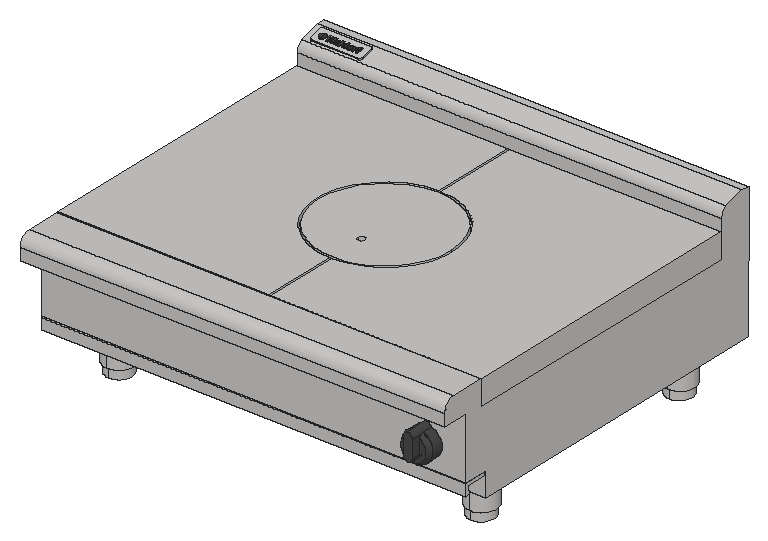
Revit family "QF_MOFFAT WALDORF_RNL8100G-B", category Specialty Equipment, Revit 2012
Parameters
  Width = 900 mm
  Weight in Pounds = 392.4224
  URL Cutsheet = "www.moffat.com"
  URL = "www.moffat.com"
  Type Mark [instance] = ""
  Status [instance] = ""
  Specification by User [instance] = ""
  Specification by Manufacturer = ""
  Show Logo [instance] = yes
  Show Clearance [instance] = yes
  Serial Number = ""
  Seismic Rating = ""
  SMACNA No = ""
  Revision Code [instance] = ""
  Omniclass Number and Title = ""
  NAFEM Spec ID Number = ""
  Model = "RNL8100G-B"
  Mechanical Remarks = ""
  Mechanical Connection Type [instance] = ""
  Masterspec = ""
  Manufacturer = "MOFFAT WALDORF"
  Item Number [instance] = ""
  Installed By [instance] = ""
  Identify Quantity as Lot [instance] = yes
  Height = 370 mm
  Gas Size = 3/4"
  Gas RI Height [instance] = 0 mm
  Gas KW [instance] = 12.5
  Gas Input [instance] = 42652.0 Btu/h
  Gas Connection Height = 0 mm
  Furnished By [instance] = ""
  Foodservice Equipment Identifier [instance] = yes
  Description = "TARGET TOP LOW SPLASHBACK GAS HOB BENCH"
  Depth = 805 mm
  CSI MasterFormat = ""
  CSI Master Format = ""
Reference planes
  plane 1 "BACK": y = 0
  plane 2: z = 0
  plane 3 "LEFT": x = 0
  plane 4 "RIGHT": x = 900
  plane 5 "FRONT": y = -805
  plane 6 "TOP": z = 370
  plane 7 "Center Y": x = 450
  plane 8 "Center X": y = -402.5
  plane 9: x = 280
  plane 10: y = -574.272
  plane 11: x = 60
  plane 12: y = -304.972
  plane 13: y = -364.972
  plane 14: x = 74
  plane 15: x = 834.5
  plane 16: y = -32
  plane 17: y = -100
  plane 18: y = -625
  plane 19: z = 85
  plane 20: z = 315
Forms (mm)
  Extrusion 1, solid, material "QF_Finishes_Stainless Steel"
    sketch origin (0, 0, 0) x (0, 1, 0) y (0, 0, 1)
      loop
        line (0, 85) -> (0, 370) -> (-16.5, 370) -> (-58.709, 358.69)
        arc (-58.709, 358.69) -> (-66.975, 350.425) -> (-70, 339.134) r 22.582
        line (-70, 339.134) -> (-70, 261.8) -> (-709, 261.8) -> (-709, 315) -> (-781, 315)
        arc (-781, 315) -> (-797.971, 307.971) -> (-805, 291) r 24
        line (-805, 291) -> (-805, 266) -> (-749, 266) -> (-749, 136.219) -> (-696.73, 136.219) -> (-696.73, 85) -> (0, 85)
      loop
        line (-749, 110) -> (-740.224, 110) -> (-742.613, 126.999) -> (-700.93, 126.999) -> (-700.93, 134.003) -> (-749, 134.003) -> (-749, 110)
    from 0 to 900
  Extrusion 2, solid, material "QF_Finishes_Stainless Steel"
    sketch origin (0, 0, 0) x (0, 1, 0) y (0, 0, 1)
      loop
        line (-72.734, 315) -> (-705.7, 315) -> (-705.7, 262.8) -> (-72.734, 262.8) -> (-72.734, 315)
    from 0 to 900
  Extrusion 3, void
    sketch origin (0, -72.734, 315) x (1, 0, 0) y (0, -1, 0)
      loop
        circle (450, 327.466) r 140
      loop
        arc (452.2, 182.486) -> (594.802, 327.67) -> (451.798, 472.459) r 145.003
        line (451.798, 472.459) -> (451.798, 632.966) -> (447.7, 632.966) -> (447.7, 472.437)
        arc (447.7, 472.437) -> (305.533, 327.329) -> (447.967, 182.484) r 145.002
        line (447.967, 182.484) -> (447.967, 0) -> (452.2, 0) -> (452.2, 182.486)
      loop
        circle (450, 390.056) r 7.524
    from 0 to 10
  Revolve 4, solid, material "QF_Finishes_Stainless Steel"
    sketch origin (834.5, -171.126, 0) x (0, 1, 0) y (0, 0, -1)
      loop
        line (39.376, -85) -> (71.126, -85) -> (71.126, 0) -> (43.626, 0) -> (43.626, -20) -> (39.376, -20) -> (39.376, -85)
      axis (71.126, -85) -> (71.126, 0)
    angle from 0 to 360
  Revolve 5, solid, material "QF_Finishes_Stainless Steel"
    sketch origin (65.5, -171.126, 0) x (0, 1, 0) y (0, 0, 1)
      loop
        line (39.376, 85) -> (39.376, 20) -> (43.626, 20) -> (43.626, 0) -> (71.126, 0) -> (71.126, 85) -> (39.376, 85)
      axis (71.126, 85) -> (71.126, 0)
    angle from 0 to 360
  Revolve 6, solid, material "QF_Finishes_Stainless Steel"
    sketch origin (834.5, -696.126, 0) x (0, 1, 0) y (0, 0, -1)
      loop
        line (39.376, -85) -> (71.126, -85) -> (71.126, 0) -> (43.626, 0) -> (43.626, -20) -> (39.376, -20) -> (39.376, -85)
      axis (71.126, -85) -> (71.126, 0)
    angle from 0 to 360
  Revolve 7, solid, material "QF_Finishes_Stainless Steel"
    sketch origin (65.5, -696.126, 0) x (0, 1, 0) y (0, 0, 1)
      loop
        line (39.376, 85) -> (39.376, 20) -> (43.626, 20) -> (43.626, 0) -> (71.126, 0) -> (71.126, 85) -> (39.376, 85)
      axis (71.126, 85) -> (71.126, 0)
    angle from 0 to 360
  Extrusion 8, solid, material "QF_Finishes_Stainless Steel"
    sketch origin (-64.5, 0, -270) x (1, 0, 0) y (0, 1, 0)
      loop
        circle (834.5, -32) r 10
    from 325 to 355
  Revolve 9, solid, material "QF_Finishes_Black"
    sketch origin (824.351, 38.874, -603.868) x (0, 1, 0) y (0, 0, 1)
      loop
        line (-820.874, 829.5) -> (-831.874, 823.651) -> (-831.874, 797) -> (-787.874, 797) -> (-787.874, 802) -> (-797.874, 802) -> (-797.874, 829.5) -> (-820.874, 829.5)
      axis (-831.874, 797) -> (-787.874, 797)
    angle from 0 to 360
  Extrusion 10, solid, material "QF_Finishes_Black"
    sketch origin (676.544, 0, -603.868) x (1, 0, 0) y (0, 0, 1)
      loop
        line (158.3, 789) -> (158.3, 824)
        arc (158.3, 824) -> (148.3, 834) -> (138.3, 824) r 10
        line (138.3, 824) -> (138.3, 789)
        arc (138.3, 789) -> (148.3, 779) -> (158.3, 789) r 10
    from 759 to 808
Cuts and joins
  Extrusion 3 cuts Extrusion 1
  Extrusion 3 cuts Extrusion 2
Lines and regions (mm)
  Split face 1
    outline origin (0, -16.5, 370) x (0, -0.965926, -0.258819) y (1, 0, 0)
      loop
        line (1.962, 129.583) -> (29.558, 129.583) -> (29.558, 149.583) -> (1.962, 149.583) -> (1.962, 129.583)
  Split face 2
    outline origin (0, -16.5, 370) x (0, -0.965926, -0.258819) y (1, 0, 0)
      loop
        line (29.558, 156.5) -> (29.558, 176.5) -> (1.962, 176.5) -> (1.962, 156.5) -> (29.558, 156.5)
  Split face 3
    outline origin (0, -16.5, 370) x (0, -0.965926, -0.258819) y (1, 0, 0)
      loop
        line (29.558, 203.5) -> (1.962, 203.5) -> (1.962, 183.5) -> (29.558, 183.5) -> (29.558, 203.5)
  Split face 4
    outline origin (0, -16.5, 370) x (0, -0.965926, -0.258819) y (1, 0, 0)
      loop
        line (29.558, 230.5) -> (1.962, 230.5) -> (1.962, 210.5) -> (29.558, 210.5) -> (29.558, 230.5)
  Split face 5
    outline origin (0, -16.5, 370) x (0, -0.965926, -0.258819) y (1, 0, 0)
      loop
        line (29.558, 257.5) -> (1.962, 257.5) -> (1.962, 237.5) -> (29.558, 237.5) -> (29.558, 257.5)
  Split face 6
    outline origin (0, -16.5, 370) x (0, -0.965926, -0.258819) y (1, 0, 0)
      loop
        line (29.558, 264.5) -> (29.558, 284.5) -> (1.962, 284.5) -> (1.962, 264.5) -> (29.558, 264.5)
  Split face 7
    outline origin (0, -16.5, 370) x (0, -0.965926, -0.258819) y (1, 0, 0)
      loop
        line (29.558, 311.5) -> (1.962, 311.5) -> (1.962, 291.5) -> (29.558, 291.5) -> (29.558, 311.5)
  Split face 8
    outline origin (0, -16.5, 370) x (0, -0.965926, -0.258819) y (1, 0, 0)
      loop
        line (1.962, 638.5) -> (1.962, 618.5) -> (29.558, 618.5) -> (29.558, 638.5) -> (1.962, 638.5)
  Split face 9
    outline origin (0, -16.5, 370) x (0, -0.965926, -0.258819) y (1, 0, 0)
      loop
        line (1.962, 645.5) -> (29.558, 645.5) -> (29.558, 665.5) -> (1.962, 665.5) -> (1.962, 645.5)
  Split face 10
    outline origin (0, -16.5, 370) x (0, -0.965926, -0.258819) y (1, 0, 0)
      loop
        line (29.558, 672.5) -> (29.558, 692.5) -> (1.962, 692.5) -> (1.962, 672.5) -> (29.558, 672.5)
  Split face 11
    outline origin (0, -16.5, 370) x (0, -0.965926, -0.258819) y (1, 0, 0)
      loop
        line (29.558, 699.5) -> (29.558, 719.5) -> (1.962, 719.5) -> (1.962, 699.5) -> (29.558, 699.5)
  Split face 12
    outline origin (0, -16.5, 370) x (0, -0.965926, -0.258819) y (1, 0, 0)
      loop
        line (29.558, 726.5) -> (29.558, 746.5) -> (1.962, 746.5) -> (1.962, 726.5) -> (29.558, 726.5)
  Split face 13
    outline origin (0, -16.5, 370) x (0, -0.965926, -0.258819) y (1, 0, 0)
      loop
        line (1.962, 753.5) -> (29.558, 753.5) -> (29.558, 773.5) -> (1.962, 773.5) -> (1.962, 753.5)
  Split face 14
    outline origin (29.312, -16.5, 370) x (0, -0.965926, -0.258819) y (1, 0, 0)
      loop
        line (29.558, 311.5) -> (1.962, 311.5) -> (1.962, 291.5) -> (29.558, 291.5) -> (29.558, 311.5)
  Split face 15
    outline origin (58.539, -16.5, 370) x (0, -0.965926, -0.258819) y (1, 0, 0)
      loop
        line (29.558, 311.5) -> (1.962, 311.5) -> (1.962, 291.5) -> (29.558, 291.5) -> (29.558, 311.5)
  Split face 16
    outline origin (85.538, -16.5, 370) x (0, -0.965926, -0.258819) y (1, 0, 0)
      loop
        line (29.558, 311.5) -> (1.962, 311.5) -> (1.962, 291.5) -> (29.558, 291.5) -> (29.558, 311.5)
  Split face 17
    outline origin (111.014, -16.5, 370) x (0, -0.965926, -0.258819) y (1, 0, 0)
      loop
        line (29.558, 311.5) -> (1.962, 311.5) -> (1.962, 291.5) -> (29.558, 291.5) -> (29.558, 311.5)
  Split face 18
    outline origin (137.462, -16.5, 370) x (0, -0.965926, -0.258819) y (1, 0, 0)
      loop
        line (29.558, 311.5) -> (1.962, 311.5) -> (1.962, 291.5) -> (29.558, 291.5) -> (29.558, 311.5)
  Split face 19
    outline origin (163.546, -16.5, 370) x (0, -0.965926, -0.258819) y (1, 0, 0)
      loop
        line (29.558, 311.5) -> (1.962, 311.5) -> (1.962, 291.5) -> (29.558, 291.5) -> (29.558, 311.5)
  Split face 20
    outline origin (189.443, -16.5, 370) x (0, -0.965926, -0.258819) y (1, 0, 0)
      loop
        line (29.558, 311.5) -> (1.962, 311.5) -> (1.962, 291.5) -> (29.558, 291.5) -> (29.558, 311.5)
  Split face 21
    outline origin (215.891, -16.5, 370) x (0, -0.965926, -0.258819) y (1, 0, 0)
      loop
        line (29.558, 311.5) -> (1.962, 311.5) -> (1.962, 291.5) -> (29.558, 291.5) -> (29.558, 311.5)
  Split face 22
    outline origin (246.196, -16.5, 370) x (0, -0.965926, -0.258819) y (1, 0, 0)
      loop
        line (29.558, 311.5) -> (1.962, 311.5) -> (1.962, 291.5) -> (29.558, 291.5) -> (29.558, 311.5)
  Split face 23
    outline origin (274.297, -16.5, 370) x (0, -0.965926, -0.258819) y (1, 0, 0)
      loop
        line (29.558, 311.5) -> (1.962, 311.5) -> (1.962, 291.5) -> (29.558, 291.5) -> (29.558, 311.5)
  Split face 24
    outline origin (299.643, -16.5, 370) x (0, -0.965926, -0.258819) y (1, 0, 0)
      loop
        line (29.558, 311.5) -> (1.962, 311.5) -> (1.962, 291.5) -> (29.558, 291.5) -> (29.558, 311.5)
  symbolic lines
    curve 1: line (0, 0, 0) -> (0, -805, 0)
    curve 2: line (900, 0, 0) -> (0, 0, 0)
    curve 3: line (900, -805, 0) -> (900, 0, 0)
    curve 4: line (0, -70, 0) -> (900, -70, 0)
    curve 5: line (12.5, -51.234, 0) -> (12.5, -20.958, 0)
    curve 6: line (12.5, -20.958, 0) -> (121.5, -20.958, 0)
    curve 7: line (12.5, -51.234, 0) -> (121.5, -51.234, 0)
    curve 8: line (121.5, -20.958, 0) -> (121.5, -51.234, 0)
    curve 9: line (129.583, -22.262, 0) -> (129.583, -50.526, 0)
    curve 10: line (129.583, -50.526, 0) -> (149.583, -50.526, 0)
    curve 11: line (149.583, -50.526, 0) -> (149.583, -22.262, 0)
    curve 12: line (149.583, -22.262, 0) -> (129.583, -22.262, 0)
    curve 13: line (156.5, -22.262, 0) -> (156.5, -50.526, 0)
    curve 14: line (156.5, -50.526, 0) -> (176.5, -50.526, 0)
    curve 15: line (176.5, -50.526, 0) -> (176.5, -22.262, 0)
    curve 16: line (176.5, -22.262, 0) -> (156.5, -22.262, 0)
    curve 17: line (183.5, -22.262, 0) -> (183.5, -50.526, 0)
    curve 18: line (183.5, -50.526, 0) -> (203.5, -50.526, 0)
    curve 19: line (203.5, -50.526, 0) -> (203.5, -22.262, 0)
    curve 20: line (203.5, -22.262, 0) -> (183.5, -22.262, 0)
    curve 21: line (210.5, -22.262, 0) -> (210.5, -50.526, 0)
    curve 22: line (210.5, -50.526, 0) -> (230.5, -50.526, 0)
    curve 23: line (230.5, -50.526, 0) -> (230.5, -22.262, 0)
    curve 24: line (230.5, -22.262, 0) -> (210.5, -22.262, 0)
    curve 25: line (900, -805, 0) -> (0, -805, 0)
    curve 26: line (237.5, -22.262, 0) -> (237.5, -50.526, 0)
    curve 27: line (237.5, -50.526, 0) -> (257.5, -50.526, 0)
    curve 28: line (257.5, -50.526, 0) -> (257.5, -22.262, 0)
    curve 29: line (257.5, -22.262, 0) -> (237.5, -22.262, 0)
    curve 30: line (264.417, -22.262, 0) -> (264.417, -50.526, 0)
    curve 31: line (264.417, -50.526, 0) -> (284.417, -50.526, 0)
    curve 32: line (284.417, -50.526, 0) -> (284.417, -22.262, 0)
    curve 33: line (284.417, -22.262, 0) -> (264.417, -22.262, 0)
    curve 34: line (291.417, -22.262, 0) -> (291.417, -50.526, 0)
    curve 35: line (291.417, -50.526, 0) -> (311.417, -50.526, 0)
    curve 36: line (311.417, -50.526, 0) -> (311.417, -22.262, 0)
    curve 37: line (311.417, -22.262, 0) -> (291.417, -22.262, 0)
    curve 38: line (318.417, -22.262, 0) -> (318.417, -50.526, 0)
    curve 39: line (318.417, -50.526, 0) -> (338.417, -50.526, 0)
    curve 40: line (338.417, -50.526, 0) -> (338.417, -22.262, 0)
    curve 41: line (338.417, -22.262, 0) -> (318.417, -22.262, 0)
    curve 42: line (350.039, -22.262, 0) -> (350.039, -50.526, 0)
    curve 43: line (350.039, -50.526, 0) -> (370.039, -50.526, 0)
    curve 44: line (370.039, -50.526, 0) -> (370.039, -22.262, 0)
    curve 45: line (370.039, -22.262, 0) -> (350.039, -22.262, 0)
    curve 46: line (376.956, -22.262, 0) -> (376.956, -50.526, 0)
    curve 47: line (376.956, -50.526, 0) -> (396.956, -50.526, 0)
    curve 48: line (396.956, -50.526, 0) -> (396.956, -22.262, 0)
    curve 49: line (396.956, -22.262, 0) -> (376.956, -22.262, 0)
    curve 50: line (403.956, -22.262, 0) -> (403.956, -50.526, 0)
    curve 51: line (403.956, -50.526, 0) -> (423.956, -50.526, 0)
    curve 52: line (423.956, -50.526, 0) -> (423.956, -22.262, 0)
    curve 53: line (423.956, -22.262, 0) -> (403.956, -22.262, 0)
    curve 54: line (430.956, -22.262, 0) -> (430.956, -50.526, 0)
    curve 55: line (430.956, -50.526, 0) -> (450.956, -50.526, 0)
    curve 56: line (450.956, -50.526, 0) -> (450.956, -22.262, 0)
    curve 57: line (450.956, -22.262, 0) -> (430.956, -22.262, 0)
    curve 58: line (457.956, -22.262, 0) -> (457.956, -50.526, 0)
    curve 59: line (457.956, -50.526, 0) -> (477.956, -50.526, 0)
    curve 60: line (477.956, -50.526, 0) -> (477.956, -22.262, 0)
    curve 61: line (477.956, -22.262, 0) -> (457.956, -22.262, 0)
    curve 62: line (484.872, -22.262, 0) -> (484.872, -50.526, 0)
    curve 63: line (484.872, -50.526, 0) -> (504.872, -50.526, 0)
    curve 64: line (504.872, -50.526, 0) -> (504.872, -22.262, 0)
    curve 65: line (504.872, -22.262, 0) -> (484.872, -22.262, 0)
    curve 66: line (511.872, -22.262, 0) -> (511.872, -50.526, 0)
    curve 67: line (511.872, -50.526, 0) -> (531.872, -50.526, 0)
    curve 68: line (531.872, -50.526, 0) -> (531.872, -22.262, 0)
    curve 69: line (531.872, -22.262, 0) -> (511.872, -22.262, 0)
    curve 70: line (538.872, -22.262, 0) -> (538.872, -50.526, 0)
    curve 71: line (538.872, -50.526, 0) -> (558.872, -50.526, 0)
    curve 72: line (558.872, -50.526, 0) -> (558.872, -22.262, 0)
    curve 73: line (558.872, -22.262, 0) -> (538.872, -22.262, 0)
    curve 74: line (565.797, -22.262, 0) -> (565.797, -50.526, 0)
    curve 75: line (565.797, -50.526, 0) -> (585.797, -50.526, 0)
    curve 76: line (585.797, -50.526, 0) -> (585.797, -22.262, 0)
    curve 77: line (585.797, -22.262, 0) -> (565.797, -22.262, 0)
    curve 78: line (592.714, -22.262, 0) -> (592.714, -50.526, 0)
    curve 79: line (592.714, -50.526, 0) -> (612.714, -50.526, 0)
    curve 80: line (612.714, -50.526, 0) -> (612.714, -22.262, 0)
    curve 81: line (612.714, -22.262, 0) -> (592.714, -22.262, 0)
    curve 82: line (619.714, -22.262, 0) -> (619.714, -50.526, 0)
    curve 83: line (619.714, -50.526, 0) -> (639.714, -50.526, 0)
    curve 84: line (639.714, -50.526, 0) -> (639.714, -22.262, 0)
    curve 85: line (639.714, -22.262, 0) -> (619.714, -22.262, 0)
    curve 86: line (646.714, -22.262, 0) -> (646.714, -50.526, 0)
    curve 87: line (646.714, -50.526, 0) -> (666.714, -50.526, 0)
    curve 88: line (666.714, -50.526, 0) -> (666.714, -22.262, 0)
    curve 89: line (666.714, -22.262, 0) -> (646.714, -22.262, 0)
    curve 90: line (673.714, -22.262, 0) -> (673.714, -50.526, 0)
    curve 91: line (673.714, -50.526, 0) -> (693.714, -50.526, 0)
    curve 92: line (693.714, -50.526, 0) -> (693.714, -22.262, 0)
    curve 93: line (693.714, -22.262, 0) -> (673.714, -22.262, 0)
    curve 94: line (700.631, -22.262, 0) -> (700.631, -50.526, 0)
    curve 95: line (700.631, -50.526, 0) -> (720.631, -50.526, 0)
    curve 96: line (720.631, -50.526, 0) -> (720.631, -22.262, 0)
    curve 97: line (720.631, -22.262, 0) -> (700.631, -22.262, 0)
    curve 98: line (727.631, -22.262, 0) -> (727.631, -50.526, 0)
    curve 99: line (727.631, -50.526, 0) -> (747.631, -50.526, 0)
    curve 100: line (747.631, -50.526, 0) -> (747.631, -22.262, 0)
    curve 101: line (747.631, -22.262, 0) -> (727.631, -22.262, 0)
    curve 102: line (754.631, -22.262, 0) -> (754.631, -50.526, 0)
    curve 103: line (754.631, -50.526, 0) -> (774.631, -50.526, 0)
    curve 104: line (774.631, -50.526, 0) -> (774.631, -22.262, 0)
    curve 105: line (774.631, -22.262, 0) -> (754.631, -22.262, 0)
    curve 106: line (447.967, -72.734, 0) -> (447.967, -255.217, 0)
    curve 107: arc (452.2, -255.22, 0) -> (594.802, -400.404, 0) -> (451.798, -545.193, 0) r 145.003
    curve 108: line (452.2, -255.22, 0) -> (452.2, -72.734, 0)
    curve 109: arc (590, -400.2, 0) -> (450, -260.2, 0) -> (310, -400.2, 0) r 140
    curve 110: arc (447.7, -545.17, 0) -> (305.533, -400.063, 0) -> (447.967, -255.217, 0) r 145.002
    curve 111: arc (310, -400.2, 0) -> (450, -540.2, 0) -> (590, -400.2, 0) r 140
    curve 112: line (451.798, -705.7, 0) -> (451.798, -545.193, 0)
    curve 113: line (447.7, -545.17, 0) -> (447.7, -705.7, 0)
    curve 114: line (900, -709, 0) -> (0, -709, 0)
    curve 115: line (0, -705.7, 0) -> (900, -705.7, 0)
    curve 116: line (900, -72.734, 0) -> (0, -72.734, 0)
    curve 117: arc (442.476, -462.79, 0) -> (450, -455.266, 0) -> (457.524, -462.79, 0) r 7.524
    curve 118: arc (457.524, -462.79, 0) -> (450, -470.314, 0) -> (442.476, -462.79, 0) r 7.524
Dimensions and locks
  equal spacing: plane 3 "LEFT", plane 7 "Center Y", plane 4 "RIGHT"
  "Width": plane 3 "LEFT" to plane 4 "RIGHT"
  equal spacing: plane 5 "FRONT", plane 8 "Center X", plane 1 "BACK"
  plane 5 "FRONT" to plane 1 "BACK" = 805 mm  (x2)
  equal spacing: plane 4 "RIGHT", plane 7 "Center Y", plane 3 "LEFT"
  plane 4 "RIGHT" to plane 3 "LEFT" = 900 mm
  "Height": plane 6 "TOP" to level
  plane 10 to plane 1 "BACK" = 574.272 mm
  plane 12 to plane 1 "BACK" = 304.972 mm  (x2)
  plane 11 to plane 3 "LEFT" = 60 mm
  plane 14 to plane 3 "LEFT" = 74 mm
  plane 9 to plane 3 "LEFT" = 280 mm
  plane 6 "TOP" to plane 2 = 370 mm
  plane 2 to plane 19 = 85 mm
  plane 20 to plane 2 = 315 mm
  aligned and locked: level to plane 2
  aligned and locked: curve 3 to plane 4 "RIGHT"
  aligned and locked: Extrusion 1 to Extrusion 2  (x2)
Automatic sketch dimensions
  plane 1 "BACK" to curve 1 = 0 mm
  curve 1 to plane 3 "LEFT" = 0 mm
  curve 117 to plane 7 "Center Y" = 0 mm
  curve 111 to plane 7 "Center Y" = 0 mm
  plane 3 "LEFT" to curve 6 = 12.5 mm
  plane 16 to curve 8 = 11.042 mm
  plane 14 to curve 8 = 47.5 mm
  curve 7 to curve 9 = 8.083 mm
  curve 9 to curve 11 = 20 mm
  curve 10 to curve 13 = 6.917 mm
  curve 13 to curve 15 = 20 mm
  curve 15 to curve 20 = 7 mm
  curve 17 to curve 18 = 20 mm
  curve 19 to curve 24 = 7 mm
  curve 21 to curve 22 = 20 mm
  curve 23 to curve 26 = 7 mm
  plane 16 to curve 28 = 9.738 mm
  curve 26 to curve 28 = 20 mm
  curve 27 to curve 30 = 6.917 mm
  plane 9 to curve 32 = 4.417 mm
  curve 32 to curve 34 = 7 mm
  plane 8 "Center X" to curve 111 = 2.3 mm
  plane 9 to curve 111 = 30 mm
  curve 34 to curve 35 = 20 mm
  curve 35 to curve 39 = 7 mm
  plane 16 to curve 41 = 9.738 mm
  curve 38 to curve 41 = 20 mm
  curve 40 to curve 42 = 11.622 mm
  plane 16 to curve 45 = 9.738 mm
  curve 42 to curve 45 = 20 mm
  curve 43 to curve 47 = 6.917 mm
  curve 46 to curve 48 = 20 mm
  curve 47 to curve 51 = 7 mm
  curve 50 to curve 52 = 20 mm
  curve 51 to curve 55 = 7 mm
  curve 118 to plane 7 "Center Y" = 7.524 mm
  curve 110 to plane 7 "Center Y" = 2.3 mm
  curve 106 to plane 7 "Center Y" = 2.033 mm
  curve 107 to plane 7 "Center Y" = 0.201 mm
  plane 7 "Center Y" to curve 110 = 0.535 mm
  plane 7 "Center Y" to curve 55 = 0.956 mm
  plane 7 "Center Y" to curve 107 = 1.798 mm
  plane 7 "Center Y" to curve 108 = 2.2 mm
  curve 56 to curve 58 = 7 mm
  plane 16 to curve 60 = 9.738 mm
  curve 58 to curve 60 = 20 mm
  curve 60 to curve 62 = 6.917 mm
  curve 62 to curve 64 = 20 mm
  curve 63 to curve 66 = 7 mm
  plane 16 to curve 69 = 9.738 mm
  curve 66 to curve 69 = 20 mm
  curve 67 to curve 70 = 7 mm
  curve 70 to curve 72 = 20 mm
  curve 71 to curve 74 = 6.924 mm
  plane 16 to curve 76 = 9.738 mm
  curve 74 to curve 76 = 20 mm
  curve 76 to curve 78 = 6.917 mm
  curve 78 to curve 80 = 20 mm
  curve 79 to curve 82 = 7 mm
  curve 82 to curve 83 = 20 mm
  curve 84 to curve 86 = 7 mm
  curve 86 to curve 87 = 20 mm
  curve 88 to curve 90 = 7 mm
  curve 90 to curve 91 = 20 mm
  curve 92 to curve 97 = 6.917 mm
  plane 16 to curve 96 = 9.738 mm
  curve 94 to curve 96 = 20 mm
  curve 95 to curve 99 = 7 mm
  curve 98 to curve 99 = 20 mm
  curve 100 to curve 105 = 7 mm
  plane 16 to curve 105 = 9.738 mm
  curve 102 to curve 105 = 20 mm
  plane 18 to curve 114 = 84 mm
  curve 114 to curve 115 = 3.3 mm
  plane 10 to curve 107 = 29.08 mm
  curve 112 to curve 110 = 0.022 mm
  curve 117 to plane 8 "Center X" = 60.29 mm
  curve 107 to curve 109 = 0.003 mm
  curve 109 to curve 110 = 0.004 mm
  curve 106 to plane 17 = 27.266 mm
  curve 116 to curve 4 = 2.734 mm
  curve 5 to plane 16 = 19.234 mm
  curve 17 to plane 16 = 18.526 mm
  curve 26 to plane 16 = 18.526 mm
  curve 15 to curve 17 = 0 mm
  curve 27 to curve 30 = 0 mm
  curve 18 to curve 22 = 0 mm
  curve 11 to curve 13 = 0 mm
  curve 31 to curve 34 = 0 mm
  curve 35 to curve 38 = 0 mm
  curve 104 to plane 16 = 18.526 mm
  curve 39 to curve 42 = 0 mm
  curve 100 to curve 102 = 0 mm
  curve 43 to curve 46 = 0 mm
  curve 96 to curve 98 = 0 mm  (x2)
  curve 47 to curve 50 = 0 mm
  curve 92 to curve 94 = 0 mm
  curve 51 to curve 54 = 0 mm
  curve 88 to curve 90 = 0 mm  (x2)
  curve 55 to curve 58 = 0 mm
  curve 84 to curve 86 = 0 mm  (x2)
  curve 59 to curve 62 = 0 mm
  curve 80 to curve 82 = 0 mm  (x2)
  curve 63 to curve 66 = 0 mm
  curve 76 to curve 78 = 0 mm  (x2)
  curve 67 to curve 70 = 0 mm
  curve 68 to curve 73 = 0 mm
  curve 60 to curve 65 = 0 mm
  plane 16 to curve 57 = 9.738 mm
  plane 16 to curve 53 = 9.738 mm
  curve 44 to curve 49 = 0 mm
  plane 16 to curve 37 = 9.738 mm
  curve 28 to curve 33 = 0 mm
  plane 16 to curve 24 = 9.738 mm
  plane 16 to curve 20 = 9.738 mm
  plane 16 to curve 16 = 9.738 mm
  curve 12 to curve 6 = 1.304 mm
  Extrusion 1 to Split face 1 sketch curve = 1.962 mm
  Split face 1 sketch curve to Extrusion 1 = 14.14 mm
  Split face 1 sketch curve to Extrusion 1 = 129.583 mm
  Split face 1 sketch curve to Split face 1 sketch curve = 20 mm
  Extrusion 1 to Split face 2 sketch curve = 1.962 mm
  Split face 2 sketch curve to Extrusion 1 = 14.14 mm
  Split face 2 sketch curve to Extrusion 1 = 156.5 mm
  Split face 2 sketch curve to Split face 2 sketch curve = 20 mm
  Extrusion 1 to Split face 3 sketch curve = 1.962 mm
  Split face 3 sketch curve to Extrusion 1 = 14.14 mm
  Split face 3 sketch curve to Extrusion 1 = 183.5 mm
  Split face 3 sketch curve to Split face 3 sketch curve = 20 mm
  Extrusion 1 to Split face 4 sketch curve = 1.962 mm
  Split face 4 sketch curve to Extrusion 1 = 14.14 mm
  Split face 4 sketch curve to Extrusion 1 = 210.5 mm
  Split face 4 sketch curve to Split face 4 sketch curve = 20 mm
  Extrusion 1 to Split face 5 sketch curve = 1.962 mm
  Split face 5 sketch curve to Extrusion 1 = 14.14 mm
  Split face 5 sketch curve to Extrusion 1 = 237.5 mm
  Split face 5 sketch curve to Split face 5 sketch curve = 20 mm
  Extrusion 1 to Split face 6 sketch curve = 1.962 mm
  Split face 6 sketch curve to Extrusion 1 = 14.14 mm
  Split face 6 sketch curve to Extrusion 1 = 264.5 mm
  Split face 6 sketch curve to Split face 6 sketch curve = 20 mm
  Extrusion 1 to Split face 7 sketch curve = 1.962 mm
  Split face 7 sketch curve to Extrusion 1 = 14.14 mm
  Split face 7 sketch curve to Extrusion 1 = 291.5 mm
  Split face 7 sketch curve to Split face 7 sketch curve = 20 mm
  Extrusion 1 to Split face 8 sketch curve = 1.962 mm
  Split face 8 sketch curve to Extrusion 1 = 14.14 mm
  Split face 8 sketch curve to Extrusion 1 = 281.5 mm
  Split face 8 sketch curve to Split face 8 sketch curve = 20 mm
  Extrusion 1 to Split face 9 sketch curve = 1.962 mm
  Split face 9 sketch curve to Extrusion 1 = 14.14 mm
  Split face 9 sketch curve to Extrusion 1 = 254.5 mm
  Split face 9 sketch curve to Split face 9 sketch curve = 20 mm
  Extrusion 1 to Split face 10 sketch curve = 1.962 mm
  Split face 10 sketch curve to Extrusion 1 = 14.14 mm
  Split face 10 sketch curve to Extrusion 1 = 227.5 mm
  Split face 10 sketch curve to Split face 10 sketch curve = 20 mm
  Extrusion 1 to Split face 11 sketch curve = 1.962 mm
  Split face 11 sketch curve to Extrusion 1 = 14.14 mm
  Split face 11 sketch curve to Extrusion 1 = 200.5 mm
  Split face 11 sketch curve to Split face 11 sketch curve = 20 mm
  Extrusion 1 to Split face 12 sketch curve = 1.962 mm
  Split face 12 sketch curve to Extrusion 1 = 14.14 mm
  Split face 12 sketch curve to Extrusion 1 = 173.5 mm
  Split face 12 sketch curve to Split face 12 sketch curve = 20 mm
  Extrusion 1 to Split face 13 sketch curve = 1.962 mm
  Split face 13 sketch curve to Extrusion 1 = 14.14 mm
  Split face 13 sketch curve to Extrusion 1 = 146.5 mm
  Split face 13 sketch curve to Split face 13 sketch curve = 20 mm
  Extrusion 2 sketch curve to plane 20 = 0 mm
  plane 18 to Extrusion 2 sketch curve = 80.7 mm
  Extrusion 2 sketch curve to plane 17 = 27.266 mm
  Extrusion 2 sketch curve to Extrusion 2 sketch curve = 52.2 mm
  Extrusion 1 to Split face 14 sketch curve = 1.962 mm
  Split face 14 sketch curve to Extrusion 1 = 14.14 mm
  Split face 14 sketch curve to Extrusion 1 = 320.812 mm
  Split face 14 sketch curve to Split face 14 sketch curve = 20 mm
  Extrusion 1 to Split face 15 sketch curve = 1.962 mm
  Split face 15 sketch curve to Extrusion 1 = 14.14 mm
  Split face 15 sketch curve to Extrusion 1 = 350.039 mm
  Split face 15 sketch curve to Split face 15 sketch curve = 20 mm
  Extrusion 1 to Split face 16 sketch curve = 1.962 mm
  Split face 16 sketch curve to Extrusion 1 = 14.14 mm
  Split face 16 sketch curve to Extrusion 1 = 377.038 mm
  Split face 16 sketch curve to Split face 16 sketch curve = 20 mm
  Extrusion 1 to Split face 17 sketch curve = 1.962 mm
  Split face 17 sketch curve to Extrusion 1 = 14.14 mm
  Split face 17 sketch curve to Extrusion 1 = 402.514 mm
  Split face 17 sketch curve to Split face 17 sketch curve = 20 mm
  Extrusion 1 to Split face 18 sketch curve = 1.962 mm
  Split face 18 sketch curve to Extrusion 1 = 14.14 mm
  Split face 18 sketch curve to Extrusion 1 = 428.962 mm
  Split face 18 sketch curve to Split face 18 sketch curve = 20 mm
  Extrusion 1 to Split face 19 sketch curve = 1.962 mm
  Split face 19 sketch curve to Extrusion 1 = 14.14 mm
  Split face 19 sketch curve to Extrusion 1 = 444.954 mm
  Split face 19 sketch curve to Split face 19 sketch curve = 20 mm
  Extrusion 1 to Split face 20 sketch curve = 1.962 mm
  Split face 20 sketch curve to Extrusion 1 = 14.14 mm
  Split face 20 sketch curve to Extrusion 1 = 419.057 mm
  Split face 20 sketch curve to Split face 20 sketch curve = 20 mm
  Extrusion 1 to Split face 21 sketch curve = 1.962 mm
  Split face 21 sketch curve to Extrusion 1 = 14.14 mm
  Split face 21 sketch curve to Extrusion 1 = 392.609 mm
  Split face 21 sketch curve to Split face 21 sketch curve = 20 mm
  Extrusion 1 to Split face 22 sketch curve = 1.962 mm
  Split face 22 sketch curve to Extrusion 1 = 14.14 mm
  Split face 22 sketch curve to Extrusion 1 = 362.304 mm
  Split face 22 sketch curve to Split face 22 sketch curve = 20 mm
  Extrusion 1 to Split face 23 sketch curve = 1.962 mm
  Split face 23 sketch curve to Extrusion 1 = 14.14 mm
  Split face 23 sketch curve to Extrusion 1 = 334.203 mm
  Split face 23 sketch curve to Split face 23 sketch curve = 20 mm
  Extrusion 1 to Split face 24 sketch curve = 1.962 mm
  Split face 24 sketch curve to Extrusion 1 = 14.14 mm
  Split face 24 sketch curve to Extrusion 1 = 308.857 mm
  Split face 24 sketch curve to Split face 24 sketch curve = 20 mm
  Extrusion 3 sketch curve to Extrusion 2 = 0 mm
  Extrusion 2 to Extrusion 3 sketch curve = 0 mm
  Extrusion 2 to Extrusion 3 sketch curve = 160.53 mm
  Extrusion 2 to Extrusion 3 sketch curve = 447.7 mm
  Extrusion 2 to Extrusion 3 sketch curve = 447.967 mm
  Extrusion 3 sketch curve to Extrusion 3 sketch curve = 2.099 mm
  Extrusion 3 sketch curve to Extrusion 3 sketch curve = 0.201 mm  (x2)
  Extrusion 3 sketch curve to Extrusion 3 sketch curve = 0.535 mm
  Extrusion 3 sketch curve to Extrusion 3 sketch curve = 4.098 mm
  Extrusion 3 sketch curve to Extrusion 3 sketch curve = 4.232 mm
  Extrusion 3 sketch curve to Extrusion 3 sketch curve = 0.022 mm
  Extrusion 3 sketch curve to Extrusion 3 sketch curve = 82.38 mm
  Extrusion 3 sketch curve to Extrusion 3 sketch curve = 62.587 mm
  Extrusion 3 sketch curve to Extrusion 3 sketch curve = 0.003 mm
  Extrusion 3 sketch curve to Extrusion 3 sketch curve = 0.004 mm
  plane 19 to Revolve 4 sketch curve = 0 mm
  Revolve 4 sketch curve to level = 0 mm
  Revolve 4 sketch curve to plane 17 = 0 mm  (x2)
  Revolve 4 sketch curve to Revolve 4 sketch curve = 27.5 mm
  Revolve 4 sketch curve to Revolve 4 sketch curve = 31.75 mm
  Revolve 4 sketch curve to Revolve 4 sketch curve = 35 mm
  level to Revolve 4 sketch curve = 20 mm
  Revolve 4 sketch curve to Revolve 4 sketch curve = 55 mm
  plane 19 to Revolve 5 sketch curve = 0 mm
  Revolve 5 sketch curve to level = 0 mm
  Revolve 5 sketch curve to plane 17 = 0 mm  (x2)
  Revolve 5 sketch curve to Revolve 5 sketch curve = 27.5 mm
  Revolve 5 sketch curve to Revolve 5 sketch curve = 31.75 mm
  Revolve 5 sketch curve to level = 55 mm
  Revolve 5 sketch curve to Revolve 5 sketch curve = 20 mm
  plane 19 to Revolve 5 sketch curve = 35 mm
  plane 19 to Revolve 6 sketch curve = 0 mm
  Revolve 6 sketch curve to level = 0 mm
  Revolve 6 sketch curve to plane 18 = 0 mm  (x2)
  Revolve 6 sketch curve to Revolve 6 sketch curve = 27.5 mm
  Revolve 6 sketch curve to Revolve 6 sketch curve = 31.75 mm
  Revolve 6 sketch curve to Revolve 6 sketch curve = 35 mm
  level to Revolve 6 sketch curve = 20 mm
  Revolve 6 sketch curve to Revolve 6 sketch curve = 55 mm
  plane 19 to Revolve 7 sketch curve = 0 mm
  Revolve 7 sketch curve to level = 0 mm
  Revolve 7 sketch curve to plane 18 = 0 mm  (x2)
  Revolve 7 sketch curve to Revolve 7 sketch curve = 27.5 mm
  Revolve 7 sketch curve to Revolve 7 sketch curve = 31.75 mm
  Revolve 7 sketch curve to level = 55 mm
  Revolve 7 sketch curve to Revolve 7 sketch curve = 20 mm
  plane 19 to Revolve 7 sketch curve = 35 mm
  Extrusion 8 sketch curve to plane 16 = 0 mm
  Extrusion 8 sketch curve to plane 15 = 64.5 mm
  Revolve 9 sketch curve to plane 5 "FRONT" = 12 mm
  Revolve 9 sketch curve to Revolve 9 sketch curve = 0 mm  (x2)
  Revolve 9 sketch curve to Revolve 9 sketch curve = 11 mm
  Revolve 9 sketch curve to Revolve 9 sketch curve = 12.7 mm
  Revolve 9 sketch curve to Revolve 9 sketch curve = 23 mm
  Revolve 9 sketch curve to Revolve 9 sketch curve = 10 mm
  Revolve 9 sketch curve to plane 19 = 108.132 mm
  Revolve 9 sketch curve to Revolve 9 sketch curve = 5 mm
  Revolve 9 sketch curve to Revolve 9 sketch curve = 26.651 mm
  Revolve 9 sketch curve to Revolve 9 sketch curve = 5.849 mm
  Extrusion 10 sketch curve to plane 15 = 19.656 mm
  Extrusion 10 sketch curve to plane 15 = 9.656 mm
  Extrusion 10 sketch curve to plane 19 = 100.132 mm
  Extrusion 10 sketch curve to Extrusion 10 sketch curve = 35 mm
  Extrusion 1 sketch curve to plane 5 "FRONT" = 0 mm
  Extrusion 1 sketch curve to plane 20 = 0 mm
  plane 19 to Extrusion 1 sketch curve = 0 mm
  Extrusion 1 sketch curve to plane 6 "TOP" = 0 mm
  Extrusion 1 sketch curve to plane 1 "BACK" = 0 mm
  Extrusion 1 sketch curve to plane 5 "FRONT" = 24 mm
  Extrusion 1 sketch curve to plane 5 "FRONT" = 56 mm
  Extrusion 1 sketch curve to Extrusion 1 sketch curve = 0 mm
  Extrusion 1 sketch curve to Extrusion 1 sketch curve = 6.387 mm
  Extrusion 1 sketch curve to plane 19 = 25 mm
  Extrusion 1 sketch curve to Extrusion 1 sketch curve = 8.776 mm
  Extrusion 1 sketch curve to Extrusion 1 sketch curve = 40 mm
  Extrusion 1 sketch curve to Extrusion 1 sketch curve = 41.683 mm
  Extrusion 1 sketch curve to Extrusion 1 sketch curve = 4.2 mm  (x2)
  Extrusion 1 sketch curve to plane 6 "TOP" = 11.31 mm
  Extrusion 1 sketch curve to Extrusion 1 sketch curve = 11.291 mm
  Extrusion 1 sketch curve to plane 16 = 15.418 mm
  plane 16 to Extrusion 1 sketch curve = 15.5 mm
  Extrusion 1 sketch curve to Extrusion 1 sketch curve = 16.999 mm
  Extrusion 1 sketch curve to Extrusion 1 sketch curve = 7.004 mm
  Extrusion 1 sketch curve to Extrusion 1 sketch curve = 2.216 mm
  Extrusion 1 sketch curve to plane 20 = 53.2 mm
  Extrusion 1 sketch curve to Extrusion 1 sketch curve = 22.582 mm
  plane 5 "FRONT" to curve 25 = 0 mm
  radius of Extrusion 3 sketch curve = 140 mm
  radius of Extrusion 3 sketch curve = 7.524 mm
  radius of Extrusion 8 sketch curve = 10 mm
Nested families
  nested 1: "WALDORF LOGO_FACE BASE" at (12.5, -21.836, 368.57) x (1, 0, 0) z (0, -0.2588, 0.9659), visible <- "Show Logo", type "WALDORF LOGO_FACE BASE", detail levels medium+fine
    with Show Logo yes
Connectors
  piping at (770, -32, 55)
    settings: on Extrusion 8, index 1, connector radius 0.37402", flow factor 0, pipe flow 0 GPM, pressure drop 0.00 psi, fitting loss kfactor 0, connector angle 0.00°, fixture units 0, engagement length 0 mm, flow configuration 1, flow direction 1, fitting loss method 0, system type 7, joint type 0, gender type 0, connector reference index -1, connector utility 0, adjustable connector no, is connector primary yes, fitting loss table "", connector description "GAS CONNECTION"
Definition of nested family "WALDORF LOGO_FACE BASE"
  Parameters (values of type "WALDORF LOGO_FACE BASE")
    Show Logo [instance] = yes
    Default Elevation = 1219.2 mm
  Reference planes
    plane 1 "Center (Front/Back)": y = 0
    plane 2: z = 0
    plane 3 "Center (Left/Right)": x = 0
  Forms (mm)
    Extrusion 1, solid
      sketch origin (0, 0, 0) x (1, 0, 0) y (0, 1, 0)
        loop
          line (-1219.2, 1219.2) -> (-1219.2, -1219.2) -> (1219.2, -1219.2) -> (1219.2, 1219.2) -> (-1219.2, 1219.2)
      from 0 to -304.8
    Extrusion 2, solid, material "QF_Finishes_Stainless Steel", visible <- "Show Logo"
      sketch origin (0, -33.217, 0) x (1, 0, 0) y (0, 1, 0)
        loop
          arc (5, 34.14) -> (1.464, 32.676) -> (0, 29.14) r 5
          line (0, 29.14) -> (0, 5)
          arc (0, 5) -> (1.464, 1.464) -> (5, 0) r 5
          line (5, 0) -> (104, 0)
          arc (104, 0) -> (107.536, 1.464) -> (109, 5) r 5
          line (109, 5) -> (109, 29.14)
          arc (109, 29.14) -> (107.536, 32.676) -> (104, 34.14) r 5
          line (104, 34.14) -> (5, 34.14)
      from 0 to 1.588
    Extrusion 3, solid, material "QF_Finishes_Black", visible <- "Show Logo"
      sketch origin (0, -33.217, 1.588) x (1, 0, 0) y (0, 1, 0)
        loop
          line (24.772, 23.214) -> (27.992, 10.301) -> (31.551, 10.301) -> (33.443, 17.364) -> (35.205, 10.301) -> (39.332, 10.301) -> (42.077, 23.214) -> (38.352, 23.214) -> (36.676, 15.33) -> (35, 23.214) -> (31.752, 23.214) -> (30.076, 15.33) -> (28.4, 23.214) -> (24.772, 23.214)
        loop
          line (42.272, 17.055) -> (45.703, 17.055)
          spline (45.703, 17.055) -> (45.741, 17.285) -> (45.852, 17.499) -> (46.028, 17.682) -> (46.258, 17.823) -> (46.526, 17.912) -> (46.813, 17.942) -> (47.1, 17.912) -> (47.368, 17.823) -> (47.597, 17.682) -> (47.774, 17.499) -> (47.884, 17.285) -> (47.922, 17.055)
          line (47.922, 17.055) -> (47.922, 16.222)
          arc (47.922, 16.222) -> (45.742, 16.014) -> (43.665, 15.317) r 9.604
          arc (43.665, 15.317) -> (41.924, 12.809) -> (43.665, 10.301) r 2.677
          arc (43.665, 10.301) -> (45.527, 10.353) -> (47.332, 10.816) r 8.365
          line (47.332, 10.816) -> (48.092, 11.105) -> (48.092, 10.301) -> (51.817, 10.301) -> (51.817, 17.055)
          spline (51.817, 17.055) -> (51.654, 17.821) -> (51.178, 18.535) -> (50.419, 19.148) -> (49.431, 19.619) -> (48.28, 19.914) -> (47.044, 20.015) -> (45.809, 19.914) -> (44.658, 19.619) -> (43.67, 19.148) -> (42.911, 18.535) -> (42.434, 17.821) -> (42.272, 17.055)
        loop
          line (53.151, 23.214) -> (53.151, 10.301) -> (57.37, 10.301) -> (57.37, 23.214) -> (53.151, 23.214)
        loop
          line (64.874, 23.214) -> (64.874, 18.857)
          arc (64.874, 18.857) -> (58.083, 15.11) -> (64.874, 11.363) r 4.429
          line (64.874, 11.363) -> (64.874, 10.301) -> (68.378, 10.301) -> (68.378, 23.214) -> (64.874, 23.214)
        loop
          arc (64.874, 16.083) -> (61.41, 14.987) -> (64.874, 13.891) r 1.905
          line (64.874, 13.891) -> (64.874, 16.083)
        loop
          circle (74.623, 15.223) r 5
        loop
          spline (74.623, 17.856) -> (74.355, 17.766) -> (74.105, 17.503) -> (73.891, 17.084) -> (73.726, 16.539) -> (73.623, 15.904) -> (73.588, 15.223) -> (73.623, 14.541) -> (73.726, 13.906) -> (73.891, 13.361) -> (74.105, 12.942) -> (74.355, 12.679) -> (74.623, 12.59)
          spline (74.623, 12.59) -> (74.891, 12.679) -> (75.141, 12.942) -> (75.355, 13.361) -> (75.52, 13.906) -> (75.623, 14.541) -> (75.659, 15.223) -> (75.623, 15.904) -> (75.52, 16.539) -> (75.355, 17.084) -> (75.141, 17.503) -> (74.891, 17.766) -> (74.623, 17.856)
        loop
          line (81.255, 19.813) -> (81.255, 10.301) -> (84.834, 10.301) -> (84.834, 14.176)
          arc (84.834, 14.176) -> (85.854, 16.093) -> (88.013, 16.32) r 2.313
          line (88.013, 16.32) -> (88.013, 19.813) -> (87.161, 19.813)
          arc (87.161, 19.813) -> (85.526, 19.266) -> (84.549, 17.844) r 2.717
          line (84.549, 17.844) -> (84.549, 19.813) -> (81.255, 19.813)
        loop
          line (90.249, 19.813) -> (88.91, 19.813) -> (88.91, 17.614) -> (90.249, 17.614) -> (90.249, 10.301) -> (93.998, 10.301) -> (93.998, 17.614) -> (95.418, 17.614) -> (95.418, 19.813) -> (93.998, 19.813)
          arc (93.998, 19.813) -> (94.414, 20.817) -> (95.418, 21.233) r 1.42
          line (95.418, 21.233) -> (95.418, 23.602) -> (93.317, 23.602)
          arc (93.317, 23.602) -> (91.343, 22.903) -> (90.249, 21.118) r 3.137
          line (90.249, 21.118) -> (90.249, 19.813)
        loop
          arc (15.241, 23.571) -> (8.392, 16.525) -> (15.241, 9.479) r 7.049
          line (15.241, 9.479) -> (15.241, 23.571)
        loop
          line (15.641, 23.571) -> (15.641, 9.479)
          arc (15.641, 9.479) -> (22.49, 16.525) -> (15.641, 23.571) r 7.049
        loop
          arc (47.922, 14.711) -> (46.266, 13.749) -> (47.922, 12.787) r 1.107
          line (47.922, 12.787) -> (47.922, 14.711)
      from 0 to 0.2
  Dimensions and locks
    aligned and locked: plane 2 to Extrusion 1
    aligned and locked: level to Extrusion 1
